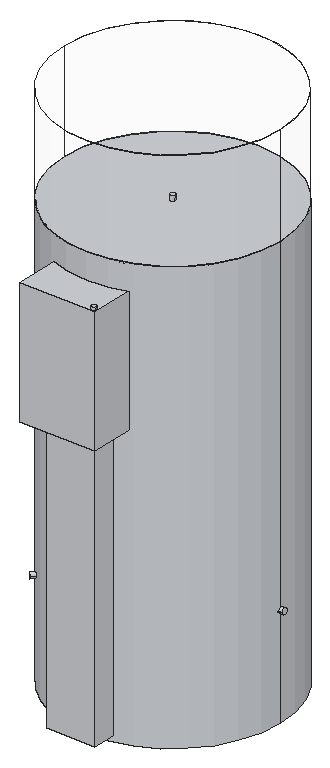
Revit family
Parameters (values of type "HV(Voltage)(kW)800 3 Phase")
  Wattage = MAX KW * 1000 VA  # 396000 VA
  Water inlet length = Radius + 1"  # 27"
  MAX KW = 396
  Drain Angle = 50.00°
  D_INLET HEIGHT = 24 1/2"
  Water Conn Radius = 1 1/4"
  VOLTAGE = 208 V
  Total Amps = MAX KW * 1000 V / 1.73 / VOLTAGE  # 1100.4891
  Top Clearance = 24"
  SES BIM Studio # = "201264902-48"
  URL = "http://www.lochinvar.com/_linefiles/CHP-10.pdf"
  Panel Width = 18"
  Panel Depth = C_OVERALL DEPTH - Radius  # 34 3/4"
  Number of Poles = 3
  Model = "HV *(kW)-800"
  Manufacturer = "Lochinvar"
  MODEL NO. = "HV (Voltage) (kW)-600"
  INLET/OUTLET SIZE = Water Conn Radius * 2  # 2 1/2"
  GALLON CAPACITY = "750"
  Cost = 0
  C_OVERALL DEPTH = 60 3/4"
  CONTINUOUS DELIVERY (GPH) = "1624"
  B_DIAMETER = Radius * 2  # 52"
  A_HEIGHT = 104"
  Description = ""
  Fuel Type = ""
  Radius = 26"
  # OF ELEMENTS = "22"
Types (10): name | Wattage | Water inlet length | MAX KW | Drain Angle | D_INLET HEIGHT | Water Conn Radius | Total Amps | Panel Depth | Model | MODEL NO. | INLET/OUTLET SIZE | GALLON CAPACITY | C_OVERALL DEPTH | CONTINUOUS DELIVERY (GPH) | B_DIAMETER | A_HEIGHT | Radius | # OF ELEMENTS
  (no name) | 396000 VA | 27" | 396 | 50.00° | 24 1/2" | 1 1/4" | 1100.4891 | 34 3/4" | "HV *(kW)-800" | "HV (Voltage) (kW)-600" | 2 1/2" | "750" | 60 3/4" | "1624" | 52" | 104" | 26" | "22"
  HV(Voltage)(kW)150 3 Phase | 135000 VA | 17" | 135 | 50.00° | 7 3/4" | 3/4" | 375.1667 | 22 3/4" | "HV *(kW)-150" | "HV (Voltage) (kW)-150" | 1 1/2" | "150" | 38 3/4" | "738" | 32" | 65 1/2" | 16" | "10"
  HV(Voltage)(kW)200 3 Phase | 150000 VA | 17" | 150 | 50.00° | 5 1/4" | 3/4" | 416.8519 | 22 3/4" | "HV *(kW)-200" | "HV (Voltage) (kW)-200" | 1 1/2" | "200" | 38 3/4" | "554" | 32" | 78" | 16" | "9"
  HV(Voltage)(kW)250 3 Phase | 216000 VA | 18" | 216 | 50.00° | 19 1/2" | 3/4" | 600.2668 | 23 3/4" | "HV *(kW)-250" | "HV (Voltage) (kW)-250" | 1 1/2" | "250" | 40 3/4" | "886" | 34" | 92" | 17" | "12"
  HV(Voltage)(kW)300 3 Phase | 270000 VA | 21" | 270 | 50.00° | 21" | 1" | 750.3335 | 26 3/4" | "HV *(kW)-300" | "HV (Voltage) (kW)-300" | 2" | "300" | 46 3/4" | "1107" | 40" | 80" | 20" | "15"
  HV(Voltage)(kW)400 3 Phase | 360000 VA | 24" | 360 | 50.00° | 22 1/2" | 1" | 1000.4446 | 29 3/4" | "HV *(kW)-400" | "HV (Voltage) (kW)-400" | 2" | "400" | 52 3/4" | "1107" | 46" | 80" | 23" | "15"
  HV(Voltage)(kW)500 3 Phase | 396000 VA | 24" | 396 | 50.00° | 22 1/2" | 1" | 1100.4891 | 29 3/4" | "HV *(kW)-500" | "HV (Voltage) (kW)-500" | 2" | "500" | 52 3/4" | "1624" | 46" | 92" | 23" | "22"
  HV(Voltage)(kW)600 3 Phase | 396000 VA | 27" | 396 | 50.00° | 24 1/2" | 1 1/4" | 1100.4891 | 34 3/4" | "HV *(kW)-600" | "HV (Voltage) (kW)-600" | 2 1/2" | "600" | 60 3/4" | "1624" | 52" | 92" | 26" | "22"
  HV(Voltage)(kW)800 3 Phase | 396000 VA | 27" | 396 | 50.00° | 24 1/2" | 1 1/4" | 1100.4891 | 34 3/4" | "HV *(kW)-800" | "HV (Voltage) (kW)-600" | 2 1/2" | "750" | 60 3/4" | "1624" | 52" | 104" | 26" | "22"
  HV(Voltage)(kW)1000 3 Phase | 396000 VA | 27" | 396 | 45.00° | 24 1/2" | 1 1/4" | 1100.4891 | 34 3/4" | "HV *(kW)-1000" | "HV (Voltage) (kW)-1000" | 2 1/2" | "950" | 60 3/4" | "1624" | 52" | 128" | 26" | "22"
Reference planes (in)
  plane 1 "Center of Tank": y = 6.125
  plane 2: z = -24
  plane 3 "Center (Left/Right)": x = -1.39218
  plane 4 "Top": z = 104
  plane 5 "Top Clearance": z = 128
  plane 6 "Panel right": x = 7.60782
  plane 7 "Panel left": x = -10.39218
  plane 8 "Panel Face": y = -28.625
  plane 9: y = 32.125
  plane 10 "Panel top": z = 98
  plane 11 "Panel bottom": z = 68
  plane 12 "Water inlet anchor": x = -1.39218
  plane 13 "Water inlet end": x = 25.60782
  plane 14: through (-1.39218, 6.125, 48) normal (-0.7071, -0.7071, 0)
  plane 15: through (-20.48406, -12.96688, 48) normal (-0.7071, -0.7071, 0)
  plane 16: z = 24.5
  plane 17 "Control Panel Face": y = -27.875
  plane 18: x = -7.14218
  plane 19: x = 4.35782
  plane 20: z = 1.25
  plane 21: y = -19.875
  plane 22: through (-1.39218, 6.125, 48) normal (0.6428, -0.766, 0)
Forms (in)
  Extrusion 1, solid
    sketch origin (0, 0, 0) x (1, 0, 0) y (0, 1, 0)
      loop
        circle (-1.39218, 6.125) r 26
    from 0 to 104
  Extrusion 2, solid, material "Clearance"
    sketch origin (0, 0, 104) x (-1, 0, 0) y (0, -1, 0)
      loop
        circle (1.39218, -6.125) r 26
    from 0 to 24
  Extrusion 3, solid
    sketch origin (-1.39218, 0, 0) x (0, 1, 0) y (0, 0, 1)
      loop
        line (6.125, 68) -> (6.125, 98) -> (-28.625, 98) -> (-28.625, 68) -> (6.125, 68)
    from 9 to -9
  Extrusion 4, solid
    sketch origin (0, 0, 104) x (-1, 0, 0) y (0, -1, 0)
      loop
        circle (1.39218, -6.125) r 0.625
    from 0 to 1
  Extrusion 5, solid
    sketch origin (0, 0, 98) x (-1, 0, 0) y (0, -1, 0)
      loop
        circle (-6.60782, 27.625) r 0.5
    from 0 to 0.5
  Extrusion 6, solid
    sketch origin (-2.90021, -4.14329, -1.07813) x (0, -1, 0) y (0, 0, 1)
      loop
        circle (-10.26829, 25.5858) r 0.625
    from 0.38429 to -28.50803
  Extrusion 7, solid
    sketch origin (0.85838, -1.77688, -1.07813) x (0.707107, -0.707107, 0) y (0, 0, -1)
      loop
        circle (-7.17886, -25.5858) r 0.625
    from 3.11777 to -23.00391
  Extrusion 8, solid
    sketch origin (-1.39218, 0, -20.75) x (0, 1, 0) y (0, 0, 1)
      loop
        line (6.125, 22) -> (6.125, 88.75) -> (-24.625, 88.75) -> (-24.625, 22) -> (6.125, 22)
    from 5.75 to -5.75
Lines and regions (in)
  model lines, style "MechanicalEquipment"
    curve 1: line (-4.39218, -28.625, 79) -> (1.60782, -28.625, 79)
    curve 2: line (1.60782, -28.625, 79) -> (1.60782, -28.625, 76)
    curve 3: line (-4.39218, -28.625, 76) -> (1.60782, -28.625, 76)
    curve 4: line (-4.39218, -28.625, 79) -> (-4.39218, -28.625, 76)
Dimensions and locks (in)
  "A_HEIGHT": plane 4 "Top" to level
  "Top Clearance": plane 5 "Top Clearance" to plane 4 "Top"
  equal spacing: plane 7 "Panel left", plane 3 "Center (Left/Right)", plane 6 "Panel right"
  "Panel Width": plane 7 "Panel left" to plane 6 "Panel right"
  "C_OVERALL DEPTH": plane 8 "Panel Face" to plane 9
  plane 11 "Panel bottom" to plane 2 = 92"
  "Water inlet length": plane 12 "Water inlet anchor" to plane 13 "Water inlet end"
  "Water inlet length": plane 14 to plane 15
  locked: plane 8 "Panel Face" to plane 17 "Control Panel Face" at 0.75
  "D_INLET HEIGHT": plane 16 to level
  locked: plane 4 "Top" to plane 10 "Panel top" at 6
  equal spacing: plane 21, plane 1 "Center of Tank", plane 9
  "Radius": plane 1 "Center of Tank" to plane 9
  locked: plane 10 "Panel top" to plane 11 "Panel bottom" at 30
  "Radius": radius of Extrusion 1 sketch curve
  "Radius": radius of Extrusion 2 sketch curve
  "Drain Angle": angle plane 22 to plane 3 "Center (Left/Right)"
  aligned and locked: plane 4 "Top" to Extrusion 1
  aligned and locked: plane 5 "Top Clearance" to Extrusion 2
  aligned and locked: plane 6 "Panel right" to Extrusion 3
  aligned and locked: Extrusion 3 to plane 7 "Panel left"
  aligned and locked: plane 8 "Panel Face" to Extrusion 3
  aligned and locked: Extrusion 3 to plane 1 "Center of Tank"
  aligned and locked: plane 10 "Panel top" to Extrusion 3
  aligned and locked: Extrusion 3 to plane 11 "Panel bottom"
  aligned and locked: Extrusion 7 to plane 15
  aligned and locked: Extrusion 8 to Extrusion 3
  aligned: Extrusion 8 to level
  aligned and locked: Extrusion 8 to plane 20
  aligned and locked: plane 19 to Extrusion 8
  aligned and locked: Extrusion 6 to plane 13 "Water inlet end"
Automatic sketch dimensions
  plane 1 "Center of Tank" to Extrusion 1 sketch curve = 0"
  Extrusion 1 sketch curve to plane 3 "Center (Left/Right)" = 0"
  plane 1 "Center of Tank" to Extrusion 2 sketch curve = 0"
  Extrusion 2 sketch curve to plane 3 "Center (Left/Right)" = 0"
  Extrusion 3 sketch curve to plane 8 "Panel Face" = 0"
  Extrusion 3 sketch curve to plane 1 "Center of Tank" = 0"
  Extrusion 3 sketch curve to plane 11 "Panel bottom" = 0"
  Extrusion 3 sketch curve to plane 10 "Panel top" = 0"
  plane 1 "Center of Tank" to Extrusion 4 sketch curve = 0"
  Extrusion 4 sketch curve to plane 3 "Center (Left/Right)" = 0"
  Extrusion 5 sketch curve to plane 17 "Control Panel Face" = 1/4"
  Extrusion 5 sketch curve to plane 6 "Panel right" = 1"
  Extrusion 6 sketch curve to plane 1 "Center of Tank" = 0"
  plane 16 to Extrusion 6 sketch curve = 0.00768"
  Extrusion 7 sketch curve to plane 16 = 0.00768"
  plane 18 to curve 4 = 2 3/4"
  curve 3 to plane 19 = 2 3/4"
  plane 11 "Panel bottom" to curve 3 = 8"
  curve 2 to curve 2 = 3"
  Extrusion 8 sketch curve to plane 20 = 0"
  Extrusion 8 sketch curve to plane 11 "Panel bottom" = 0"
  Extrusion 8 sketch curve to plane 1 "Center of Tank" = 0"
  Extrusion 8 sketch curve to plane 17 "Control Panel Face" = 3 1/4"
  radius of Extrusion 4 sketch curve = 5/8"
  radius of Extrusion 5 sketch curve = 1/2"
  radius of Extrusion 6 sketch curve = 5/8"
  radius of Extrusion 7 sketch curve = 5/8"
Connectors (in)
  piping at (-1.39218, 6.125, 105), driven by "Water Conn Radius"
    settings: on Extrusion 4, index 1, connector radius 1 1/4", flow factor 0, pipe flow 0 GPM, pressure drop 0.00 psi, fitting loss kfactor 0, connector angle 0.00°, fixture units 0, flow configuration 0, flow direction 0, fitting loss method 0, system type 19, connector reference index -1, connector utility 0, adjustable connector no, is connector primary yes, fitting loss table "", connector description "Water Outlet"
  piping at (-20.48406, -12.96688, 24.50768)
    settings: on Extrusion 7, index 5, connector radius 3/8", flow factor 0, pipe flow 0 GPM, pressure drop 0.00 psi, fitting loss kfactor 0, connector angle 0.00°, fixture units 0, flow configuration 1, flow direction 2, fitting loss method 0, system type 16, connector reference index -1, connector utility 0, adjustable connector no, is connector primary no, fitting loss table "", connector description ""
  piping at (25.60782, 6.125, 24.50768), driven by "Water Conn Radius"
    settings: on Extrusion 6, index 6, connector radius 1 1/4", flow factor 0, pipe flow 0 GPM, pressure drop 0.00 psi, fitting loss kfactor 0, connector angle 0.00°, fixture units 0, flow configuration 0, flow direction 1, fitting loss method 0, system type 20, connector reference index -1, connector utility 0, adjustable connector no, is connector primary no, fitting loss table "", connector description "Water Inlet"
  electrical at (6.60782, -27.625, 98.5), driven by "Wattage", driven by "VOLTAGE", driven by "Number of Poles"
    settings: on Extrusion 5, index 7, voltage 208 V, apparent load 396000 VA, apparent load phase1 0 VA, apparent load phase2 0 VA, apparent load phase3 0 VA, power factor 1, load classification "Other", number of poles 3, system type 30, power factor state 1, is connector primary yes, connector utility no, sub classification motor no, connector description "Electrical"
